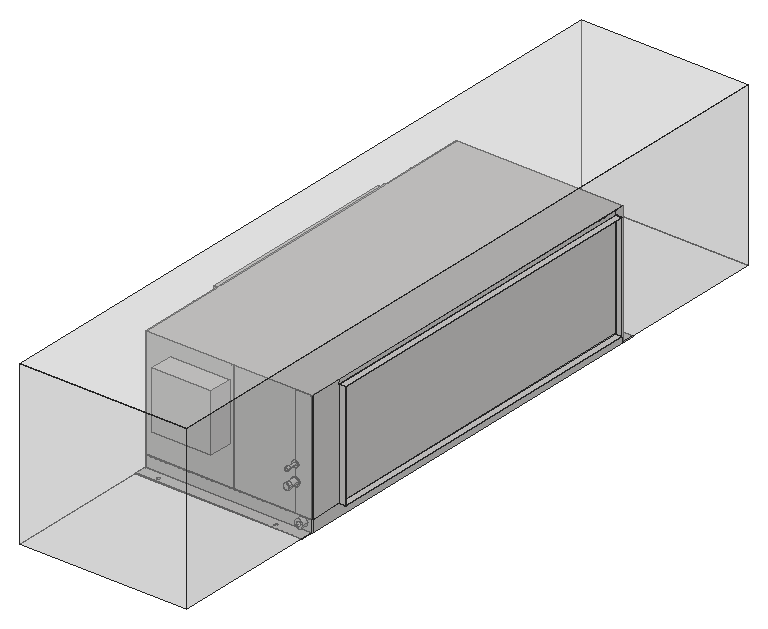
Revit family "outputfile", category 機械設備, Revit 2024 (continued)
Definition of nested family "daikin_rightpanel_FDR-QY1"
  Dimensions and locks
    locked: Extrusion 8 sketch curve to Extrusion 8 sketch curve at 40
    locked: Extrusion 8 sketch curve to plane 2 "Bottom" at 71.4
    locked: Extrusion 9 sketch curve to Extrusion 9 sketch curve at 412
    locked: Extrusion 9 sketch curve to Extrusion 9 sketch curve at 121
    locked: Extrusion 9 sketch curve to Extrusion 9 sketch curve at 47
    locked: Extrusion 9 sketch curve to Extrusion 9 sketch curve at 313
    locked: Extrusion 9 sketch curve to Extrusion 9 sketch curve at 42
    locked: Extrusion 10 sketch curve to Extrusion 10 sketch curve at 82
    locked: Extrusion 10 sketch curve to plane 2 "Bottom" at 61
    locked: Extrusion 11 sketch curve to plane 8 at 19
    locked: Extrusion 11 sketch curve to plane 2 "Bottom" at 61
    "ld_liquidpipe": plane 16 to plane 1 "Center (Front/Back)"
    "ld_gaspipe": plane 17 "ld_g" to plane 1 "Center (Front/Back)"
    "内径_liquidpipe": diameter of Extrusion 12 sketch curve
    "外径_liquidpipe": diameter of Extrusion 13 sketch curve
    "内径_gaspipe": diameter of Extrusion 14 sketch curve
    "外径_gaspipe": diameter of Extrusion 15 sketch curve
    aligned and locked: level to plane 2 "Bottom"
    aligned and locked: Extrusion 1 sketch curve to plane 9
    aligned and locked: Extrusion 1 sketch curve to plane 7
    aligned and locked: plane 10 to Extrusion 1 sketch curve
    aligned and locked: Extrusion 1 sketch curve to plane 8
    aligned and locked: Extrusion 1 to plane 11
    aligned and locked: Extrusion 1 to plane 1 "Center (Front/Back)"
    aligned and locked: Extrusion 2 sketch curve to plane 6
    aligned and locked: Extrusion 2 sketch curve to plane 5
    aligned and locked: Extrusion 3 sketch curve to plane 6
    aligned and locked: plane 4 to Extrusion 3 sketch curve
    aligned and locked: plane 13 "lh_l" to Extrusion 4 sketch curve
    aligned and locked: plane 15 "lw_l" to Extrusion 4 sketch curve
    aligned and locked: plane 12 "lh_g" to Extrusion 5 sketch curve
    aligned and locked: plane 14 "lw_g" to Extrusion 5 sketch curve
    aligned and locked: Extrusion 6 sketch curve to plane 5
    aligned and locked: Extrusion 7 sketch curve to plane 6
    aligned and locked: plane 4 to Extrusion 8 sketch curve
    aligned and locked: Extrusion 9 sketch curve to Extrusion 9 sketch curve
    aligned and locked: Extrusion 9 sketch curve to plane 6
    aligned and locked: Extrusion 9 sketch curve to plane 5
    aligned and locked: Extrusion 10 sketch curve to plane 5
    aligned and locked: Extrusion 10 sketch curve to plane 6
    aligned and locked: Extrusion 11 sketch curve to plane 6
    aligned and locked: plane 4 to Extrusion 11 sketch curve
    aligned and locked: plane 13 "lh_l" to Extrusion 12 sketch curve
    aligned and locked: plane 15 "lw_l" to Extrusion 12 sketch curve
    aligned and locked: Extrusion 12 to plane 1 "Center (Front/Back)"
    aligned and locked: Extrusion 12 to plane 16
    aligned and locked: plane 13 "lh_l" to Extrusion 13 sketch curve
    aligned and locked: plane 15 "lw_l" to Extrusion 13 sketch curve
    aligned and locked: plane 12 "lh_g" to Extrusion 14 sketch curve
    aligned and locked: plane 14 "lw_g" to Extrusion 14 sketch curve
    aligned and locked: Extrusion 14 to plane 17 "ld_g"
    aligned and locked: Extrusion 14 to plane 1 "Center (Front/Back)"
    aligned and locked: plane 12 "lh_g" to Extrusion 15 sketch curve
    aligned and locked: plane 14 "lw_g" to Extrusion 15 sketch curve
    aligned and locked: plane 14 "lw_g" to Extrusion 16 sketch curve
    aligned and locked: plane 12 "lh_g" to Extrusion 16 sketch curve
    aligned and locked: plane 15 "lw_l" to Extrusion 16 sketch curve
    aligned and locked: plane 13 "lh_l" to Extrusion 16 sketch curve
  Automatic sketch dimensions
    radius of Extrusion 4 sketch curve = 16.0 mm
    radius of Extrusion 5 sketch curve = 25.0 mm
    radius of Extrusion 16 sketch curve = 16.0 mm
    radius of Extrusion 16 sketch curve = 21.0 mm
Definition of nested family "daikin_connector_rotate2"
  Parameters (values of type "daikin_connector_rotate2")
    Default Elevation = 1219.2 mm
    show_face = no
    radius [instance] = 10.0 mm
    length [instance] = 600.0 mm
    d_surface = 10.0 mm
    angle_vertical [instance] = 90.00°
  Reference planes
    plane 1 "Center (Front/Back)": y = 0
    plane 2: z = 0
    plane 3 "Center (Left/Right)": x = 0
  Forms (mm)
    Extrusion 1, solid, visible <- "show_face"
      sketch origin (0, -600, 0) x (1, 0, 0) y (0, 0, 1)
        loop
          circle (0, 0) r 10
      from 0 to -10
  Lines and regions (mm)
    reference lines
      curve 1: line (0, 0, 0) -> (0, -600, 0)
    symbolic lines
      curve 2: circle (0, 0, 0) r 5 normal (0, 0, 1)
    model lines, visible <- "show_face"
      curve 3: line (0, 0, 0) -> (0, -600, 0)
  Dimensions and locks
    "length": curve 1 to curve 1
    "length": curve 3 to curve 3
    "d_surface": Extrusion 1 to Extrusion 1
    "radius": radius of Extrusion 1 sketch curve
    "angle_vertical": angle curve 1 to plane 1 "Center (Front/Back)"
    "angle_vertical": angle curve 3 to plane 1 "Center (Front/Back)"
    aligned and locked: level to plane 2
    aligned and locked: plane 1 "Center (Front/Back)" to curve 1
    aligned and locked: plane 2 to curve 1
    aligned and locked: plane 1 "Center (Front/Back)" to curve 2
    aligned and locked: plane 3 "Center (Left/Right)" to curve 2
    aligned and locked: plane 1 "Center (Front/Back)" to curve 3
    aligned and locked: plane 2 to curve 3
    aligned and locked: Extrusion 1 to Extrusion 1
  Automatic sketch dimensions
    Extrusion 1 sketch curve to level = 0.0 mm
    Extrusion 1 sketch curve to plane 3 "Center (Left/Right)" = 0.0 mm
    radius of curve 2 = 5.0 mm
Definition of nested family "daikin_△_symbolicline"
  Parameters (values of type "daikin_△_symbolicline")
    length [instance] = 200.0 mm
    Default Elevation = 0.0 mm
  Reference planes
    plane 1 "Center (Front/Back)": y = 0
    plane 2: z = 0
    plane 3 "Center (Left/Right)": x = 0
  Lines and regions (mm)
    symbolic lines
      curve 1: line (0, -173.205, 0) -> (100, 0, 0)
      curve 2: line (100, 0, 0) -> (-100, 0, 0)
      curve 3: line (-100, 0, 0) -> (0, -173.205, 0)
  Dimensions and locks
    equal spacing: curve 3, plane 3 "Center (Left/Right)", curve 2
    "length": curve 3 to curve 2
    "length": curve 3 to curve 3
    "length": curve 1 to curve 1
    aligned and locked: level to plane 2
    aligned and locked: curve 2 to plane 1 "Center (Front/Back)"
    aligned and locked: plane 3 "Center (Left/Right)" to curve 3
Definition of nested family "daikin_mountinghole"
  Parameters (values of type "daikin_mountinghole")
    Default Elevation = 1219.2 mm
    Type Comments = "mountinghole"
    show [instance] = yes
    material = none
    l_centerline = 100.0 mm
    l_antenna [instance] = 100.0 mm
    h_mountinghole [instance] = 0.0 mm
    d_circle = 30.0 mm
    Link_Nested Family [instance] = ""
  Reference planes
    plane 1 "Center (Front/Back)": y = 0
    plane 2: z = 0
    plane 3 "Center (Left/Right)": x = 0
    plane 4: y = 50
    plane 5: x = -50
    plane 6: x = 50
    plane 7: y = -50
    plane 8 "h_mountinghole": z = 0
    plane 9: z = 100
  Lines and regions (mm)
    model lines, detail levels fine
      curve 1: circle (0, 0, 0) r 15 normal (0, 0, 1)
      curve 2: line (-50, 0, 0) -> (50, 0, 0)
      curve 3: line (0, 50, 0) -> (0, -50, 0)
    symbolic lines, detail levels fine
      curve 4: circle (0, 0, 0) r 15 normal (0, 0, 1)
      curve 5: line (-50, 0, 0) -> (50, 0, 0)
      curve 6: line (0, 50, 0) -> (0, -50, 0)
    model lines
      curve 7: line (0, 0, 100) -> (0, 0, 0)
  Dimensions and locks
    equal spacing: plane 4, plane 1 "Center (Front/Back)", plane 7
    "l_centerline": plane 4 to plane 7
    equal spacing: plane 5, plane 3 "Center (Left/Right)", plane 6
    "l_centerline": plane 5 to plane 6
    "l_antenna": plane 9 to plane 8 "h_mountinghole"
    "h_mountinghole": plane 8 "h_mountinghole" to plane 2
    "d_circle": diameter of curve 1
    "d_circle": diameter of curve 4
    aligned and locked: level to plane 2
    aligned and locked: plane 1 "Center (Front/Back)" to curve 1
    aligned and locked: plane 3 "Center (Left/Right)" to curve 1
    aligned and locked: plane 1 "Center (Front/Back)" to curve 2
    aligned and locked: curve 3 to plane 3 "Center (Left/Right)"
    aligned and locked: plane 6 to curve 2
    aligned and locked: plane 5 to curve 2
    aligned and locked: plane 4 to curve 3
    aligned and locked: plane 7 to curve 3
    aligned and locked: plane 1 "Center (Front/Back)" to curve 4
    aligned and locked: plane 3 "Center (Left/Right)" to curve 4
    aligned and locked: plane 6 to curve 5
    aligned and locked: plane 5 to curve 5
    aligned and locked: plane 1 "Center (Front/Back)" to curve 5
    aligned and locked: plane 4 to curve 6
    aligned and locked: plane 7 to curve 6
    aligned and locked: curve 6 to plane 3 "Center (Left/Right)"
    aligned and locked: curve 7 to plane 3 "Center (Left/Right)"
    aligned and locked: plane 9 to curve 7
    aligned and locked: plane 8 "h_mountinghole" to curve 7
